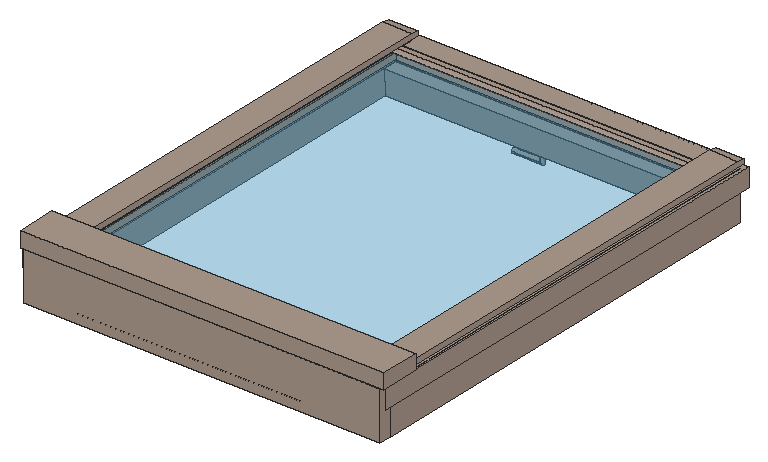
Revit family "GPU_v_1.01", category Окна, Revit 2017
Family settings
  Основа = Крыша
  Всегда вертикально = Нет
  При загрузке вырезать с полостями = Нет
  Общий = Нет
  Точка расчета площади = Нет
Parameters (values of type "Default")
  g-value = "0.66"
  Youtube clip = ""
  Window Opening Angle = if(Open Window, 45.00°, 0.00°)  # 0.00°
  Window Area = 1.11
  Ширина = 940.000 mm
  Weight Net (kg) = ""
  Warranty Years = "5 (10 with BDX)"
  Uniclass 2.0 Description = "Roof Window Units"
  Uniclass 2.0 Code = "PR-59-72"
  Uniclass 1.4 Description = "Rooflights/Roof windows"
  Uniclass 1.4 Code = "JL11"
  URL = "http://file-system.ru/catalog/zdaniya_i_sooruzheniya/eksterer/okna/gpu_velux_premium_poliuretanovoe_panoramnoe_mansardnoe_okno/"
  UNSPC code = 301516
  UNSPC Category = "Roofing accessories"
  ThermalTransmittance - Glazing = "1.1"
  ThermalTransmittance = "1.57"
  Thermal bridge(glazing) = 0.049
  Thermal bridge = "0.09"
  Thermal Transmittance(frame) = 1.3
  Technical description = ""
  Square Reveal Length = 150.000 mm
  Sound Insulation db = 32
  Rough Width = 0.000 mm
  Rough Height = 0.000 mm
  Roof Slope = 45.00°
  Product identifier = ""
  Product group = "GPU 1.01"
  Product family = "Tophung window"
  Product data url = "http://www.velux.co.uk/private/products/velux_roof_windows/top_hung"
  Product certification = ""
  Product SKU = "gpu101"
  Placement Height = 0.000 mm
  Perimeter Window = 4.24
  Perimeter Glazing = 3.49
  Panel Offset = -39.000 mm  # constant formula
  Open Window = no
  Offset from Roof = Placement Height + 169.000 mm  # 169.000 mm
  Name of the object = "New Generation - GPU"
  NBS Reference Description = "Roof Window Units"
  NBS Reference = "59-72"
  Группа модели = "New Generation - GPU"
  Material secondary = Glass 73Q + ISD 0000
  Material main = Wood
  Manufacturer country = "Denmark"
  Manufacturer URL = "www.velux.com"
  Изготовитель = "VELUX A/S"  # constant formula
  Light transmittance = "0.80"
  Installation instructions = "http://www.velux.co.uk/en-GB/Documents/Installation%20instructions%20pdf/Top%20Hung%20452226-0910.pdf"
  IFC Classification = "Window"
  Height = 1180.000 mm
  GlazingAreaFraction = "0.9"
  Function = "Top hung roof window"
  Frame Area = 0.21
  Emergency Exit = no
  Edition number = "1"
  EAN code = ""
  Design country = "Denmark"
  Date of publishing = "6/27/2013"
  Copyright = "VELUX A/S"  # constant formula
  COBIe Type Category = ""
  Код по классификатору = "B3020110"
  Apron Visible [instance] = no
  Angled opening top [instance] = 135.00°
  Angled opening bottom [instance] = 135.00°
  Angle = -(Window Opening Angle)  # 0.00°
  Allowed Roof Slope = "15°-90°"
Reference planes
  plane 1 "Center (Front/Back)": y = 0
  plane 2 "Roof": z = 4000
  plane 3 "Center (Left/Right)": x = 0
  plane 4: x = -490.1
  plane 5: x = 490.1
  plane 6: y = 607.561
  plane 7: y = -607.561
  plane 8: y = 75
  plane 9: y = -75
  plane 10: z = 4419
  plane 11: z = 4250
  plane 12: y = -587.561
  plane 13: y = -559.561
  plane 14: y = 559.561
  plane 15: x = -450
  plane 16: x = 450
  plane 17: z = 4331
  plane 18 "Roof Face": z = 4250
  plane 19: x = 463.5
  plane 20: x = -463.5
  plane 21: y = -557.461
  plane 22: z = 4175
  plane 23: y = 687.561
  plane 24: y = -687.561
  plane 25: x = 508.1
  plane 26: x = -508.1
  plane 27: x = 468.602
  plane 28: x = -468.602
  plane 29: x = -428
  plane 30: x = 428
  plane 31: y = -591.861
  plane 32: y = 599.139
  plane 33: x = 470
  plane 34: x = -470
  plane 35: y = 588.139
  plane 36: x = -442.697
  plane 37: x = 442.697
  plane 38: x = -446.5
  plane 39: x = 446.5
Forms (mm)
  Sweep 1, void
    path origin (0, 0, 4000) x (1, 0, 0) y (0, 1, 0)
      loop
        line (442.697, 0) -> (-442.697, 0)
    profile origin (0, 0, 4000) x (0, -1, 0) y (0, 0, 1)
      loop
        line (559.561, 250) -> (-559.561, 250) -> (-559.561, 100) -> (-659.561, 0) -> (659.561, 0) -> (559.561, 100) -> (559.561, 250)
  Sweep 2, solid, material "Wood" <- "Material main"
    path origin (232.881, -1270, 4419) x (0, -1, 0) y (1, 0, 0)
      loop
        line (-712.539, -722.981) -> (-1858.139, -722.981)
    profile origin (-490.1, 15.339, 4419) x (-1, 0, 0) y (0, 0, 1)
      loop
        line (-20.1, -215.9) -> (-20.1, -88.7) -> (-62.1, -88.7) -> (-62.096, -177.7) -> (-56.388, -215.9) -> (-20.1, -215.9)
  Sweep 3, solid, material "Wood" <- "Material main"
    path origin (232.881, -1270, 4419) x (0, -1, 0) y (1, 0, 0)
      loop
        line (-686.789, -722.981) -> (-1877.561, -722.981)
    profile origin (-490.1, 12.175, 4419) x (-1, 0, 0) y (0, 0, 1)
      loop
        line (-12.998, -138.3) -> (-11.998, -138.3) -> (-11.998, -87.65) -> (-38.148, -87.65) -> (-38.148, -78.15) -> (-39.148, -78.15) -> (-39.148, -88.65) -> (-12.998, -88.65) -> (-12.998, -138.3)
  Sweep 4, solid, material "Wood" <- "Material main"
    path origin (232.881, -1270, 4419) x (0, -1, 0) y (1, 0, 0)
      loop
        line (-1858.139, 257.219) -> (-712.539, 257.219)
    profile origin (490.1, 15.339, 4419) x (1, 0, 0) y (0, 0, 1)
      loop
        line (-20.1, -215.9) -> (-20.1, -88.7) -> (-62.1, -88.7) -> (-62.096, -177.7) -> (-56.388, -215.9) -> (-20.1, -215.9)
  Sweep 5, solid, material "Wood" <- "Material main"
    path origin (232.881, -1270, 4419) x (0, -1, 0) y (1, 0, 0)
      loop
        line (-662.439, -701.483) -> (-662.439, 235.721)
    profile origin (0, -607.561, 4419) x (0, 1, 0) y (0, 0, 1)
      loop
        line (31.3, -88.1) -> (15.7, -88.1) -> (15.7, -215.9) -> (56, -215.9) -> (56, -141.8) -> (39.4, -141.8) -> (39.4, -109.299) -> (31.3, -106.9) -> (31.3, -88.1)
  Sweep 6, solid, material "Wood" <- "Material main"
    path origin (232.881, -1270, 4419) x (0, -1, 0) y (1, 0, 0)
      loop
        line (-1877.561, 202.721) -> (-1877.561, -660.881)
    profile origin (3.801, 607.561, 4419) x (0, -1, 0) y (0, 0, 1)
      loop
        line (19.423, -215.9) -> (56, -215.9) -> (56, -160) -> (43.673, -160) -> (32.044, -116.6) -> (19.423, -114.078) -> (19.423, -215.9)
  Sweep 7, solid, material "Polyurethane color NCS 0500-N"
    path origin (232.881, -1270, 4419) x (0, -1, 0) y (1, 0, 0)
      loop
        line (-662.439, -679.381) -> (-662.439, 213.619)
    profile origin (0, -607.561, 4419) x (0, 1, 0) y (0, 0, 1)
      loop
        line (31.3, -68.816) -> (31.3, -105.016) -> (39.4, -108.113) -> (39.4, -141.8) -> (80.4, -141.8) -> (80.4, -79.8) -> (70.4, -79.8) -> (70.4, -61.1) -> (39.556, -61.1) -> (31.3, -68.816)
  Sweep 8, solid, material "Wood" <- "Material main"
    path origin (232.881, -1270, 4419) x (0, -1, 0) y (1, 0, 0)
      loop
        line (-662.439, 245.221) -> (-662.439, -710.983)
    profile origin (0, -607.561, 4419) x (0, -1, 0) y (0, 0, 1)
      loop
        line (-120.7, -87.95) -> (-15.7, -87.95) -> (-15.7, -47.9) -> (-120.7, -47.9) -> (-120.7, -87.95)
  Sweep 9, solid, material "Wood" <- "Material main"
    path origin (232.881, -1270, 4419) x (0, -1, 0) y (1, 0, 0)
      loop
        line (-1877.561, 257.219) -> (-686.789, 257.219)
    profile origin (490.1, 12.175, 4419) x (1, 0, 0) y (0, 0, 1)
      loop
        line (-11.998, -138.3) -> (-11.998, -87.65) -> (-38.148, -87.65) -> (-38.148, -78.15) -> (-39.148, -78.15) -> (-39.148, -88.65) -> (-12.998, -88.65) -> (-12.998, -138.3) -> (-11.998, -138.3)
  Extrusion 10, solid, material "Wood" <- "Material main", visible <- "Apron Visible"
    sketch origin (232.881, -1380, 4250) x (0, -1, 0) y (1, 0, 0)
      loop
        line (-2168.139, 237.119) -> (-2168.139, -702.881) -> (-1968.139, -702.881) -> (-1968.139, 237.119) -> (-2168.139, 237.119)
    from 0 to 5
Cuts and joins
  joined: Sweep 2, Sweep 4, Sweep 5, Sweep 6
Lines and regions (mm)
  reference lines
    curve 1: line (0, 559.561, 4100) -> (0, -559.561, 4100)
    curve 2: line (0, 559.561, 4100) -> (0, 969.973, 3689.589)
    curve 3: line (0, -559.561, 4100) -> (0, -998.257, 3661.304)
    curve 8: line (-490.1, 0, 4419) -> (490.1, 0, 4419)
    curve 9: line (0, -522.489, 4379.9) -> (0, -512.873, 4379.9)
    curve 10: line (0, -522.489, 4379.9) -> (0, -234.928, 4379.9)
    curve 11: line (0, -522.489, 4554.9) -> (0, -522.489, 4064.9)
    curve 12: line (0, -522.489, 4379.9) -> (0, -227.489, 4379.9)
    curve 13: line (0, -522.489, 4379.9) -> (0, -522.489, 4311.857)
  symbolic lines
    curve 4: line (-490.1, 607.561, 4000) -> (0, -75, 4000)
    curve 5: line (0, -75, 4000) -> (490.1, 607.561, 4000)
    curve 6: line (-490.1, -607.561, 4000) -> (0, 75, 4000)
    curve 7: line (0, 75, 4000) -> (490.1, -607.561, 4000)
Dimensions and locks
  equal spacing: host sketch curve, plane 3 "Center (Left/Right)", host sketch curve
  equal spacing: host sketch curve, plane 1 "Center (Front/Back)", host sketch curve
  equal spacing: plane 4, plane 3 "Center (Left/Right)", plane 5
  "Ширина": plane 34 to plane 33
  equal spacing: plane 6, plane 1 "Center (Front/Back)", plane 7
  "Height": plane 35 to plane 31
  "Square Reveal Length": plane 18 "Roof Face" to curve 1
  plane 8 to plane 1 "Center (Front/Back)" to plane 9 = 75.000 mm locked, 75.000 mm locked
  locked: plane 7 to plane 12 at 20
  locked: plane 16 to plane 19 at 13.5
  locked: plane 20 to plane 15 at 13.5
  locked: plane 21 to plane 13 at 2.1
  locked: plane 27 to plane 5 at 21.498
  locked: plane 4 to plane 28 at 21.498
  locked: plane 13 to plane 24 at 128
  locked: plane 23 to plane 14 at 128
  locked: plane 7 to plane 13 at 48
  locked: plane 26 to plane 4 at 18
  locked: plane 5 to plane 25 at 18
  locked: plane 23 to plane 6 at 80
  locked: plane 10 to plane 11 at 169
  "Offset from Roof": plane 10 to host roof
  locked: plane 4 to plane 29 at 62.1
  locked: plane 30 to plane 5 at 62.1
  plane 13 to cut or joined group of Sweep 2, Sweep 4, Sweep 5, Sweep 6 = 8.000 mm
  locked: plane 6 to plane 32 at 8.423
  locked: plane 31 to plane 12 at 4.3
  locked: plane 4 to plane 34 at 20.1
  locked: plane 33 to plane 5 at 20.1
  locked: plane 35 to Extrusion 10 sketch curve at 200
  locked: plane 32 to plane 35 at 11
  locked: plane 29 to plane 36 at 14.697
  locked: plane 30 to plane 37 at 14.697
  locked: plane 34 to plane 38 at 23.5
  locked: plane 39 to plane 33 at 23.5
  angle curve 11 to curve 10 = 90.00°
  "Window Opening Angle": angle curve 10 to curve 12
  locked: curve 13 to curve 12 (angle 90.00°)
  "Angled opening top": angle curve 3 to curve 1
  "Angled opening bottom": angle curve 1 to curve 2
  aligned and locked: level to plane 2 "Roof"
  aligned and locked: Sweep 1 sketch curve to plane 1 "Center (Front/Back)"
  aligned and locked: host roof to Sweep 1 sketch curve  (x2)
  aligned and locked: Sweep 1 sketch curve to curve 2
  aligned and locked: Sweep 1 sketch curve to curve 3
  aligned and locked: Sweep 2 sketch curve to plane 4
  aligned and locked: Sweep 3 sketch curve to plane 4
  aligned and locked: plane 6 to Sweep 3 sketch curve
  aligned and locked: Sweep 4 sketch curve to plane 5
  aligned and locked: plane 6 to Sweep 6 sketch curve
  aligned and locked: plane 7 to Sweep 7 sketch curve
  aligned and locked: Sweep 8 sketch curve to plane 7
  aligned and locked: Sweep 9 sketch curve to plane 5
  aligned and locked: plane 6 to Sweep 9 sketch curve
  aligned and locked: Sweep 8 sketch curve to Sweep 9
  aligned and locked: Sweep 3 to Sweep 8 sketch curve
  aligned and locked: plane 13 to curve 1
  aligned and locked: Sweep 1 sketch curve to plane 13
  aligned and locked: plane 14 to Sweep 1 sketch curve
  aligned and locked: plane 14 to curve 1
  aligned and locked: plane 14 to curve 2
  aligned and locked: plane 21 to Sweep 4 sketch curve
  aligned and locked: plane 21 to Sweep 2 sketch curve
  aligned and locked: plane 27 to Sweep 5 sketch curve
  aligned and locked: plane 28 to Sweep 5 sketch curve
  aligned and locked: host roof to plane 18 "Roof Face"
  aligned and locked: curve 11 to curve 10
  aligned: curve 12 to nested 1
  aligned: nested 1 to curve 13
  aligned and locked: curve 11 to nested 1
  aligned and locked: Extrusion 10 sketch curve to plane 34
  aligned and locked: Extrusion 10 sketch curve to plane 33
  aligned and locked: plane 35 to Sweep 6 sketch curve
  aligned and locked: Extrusion 10 sketch curve to plane 35
  aligned and locked: plane 35 to Sweep 4 sketch curve
  aligned and locked: plane 35 to Sweep 2 sketch curve
  aligned and locked: plane 36 to Sweep 1 sketch curve
  aligned and locked: plane 37 to Sweep 1 sketch curve
  aligned and locked: plane 38 to Sweep 7 sketch curve
  aligned and locked: plane 39 to Sweep 7 sketch curve
Automatic sketch dimensions
  plane 1 "Center (Front/Back)" to curve 8 = 0.000 mm
  curve 8 to plane 5 = 0.000 mm
  plane 4 to curve 8 = 0.000 mm
  profile plane to Sweep 3 sketch curve = 39.148 mm
  Sweep 3 sketch curve to Sweep 3 sketch curve = 1.000 mm  (x3)
  profile plane to Sweep 3 sketch curve = 12.998 mm
  Sweep 3 sketch curve to profile plane = 138.300 mm
  Sweep 3 sketch curve to Sweep 3 sketch curve = 49.650 mm
  Sweep 3 sketch curve to Sweep 3 sketch curve = 9.500 mm
  plane 7 to Sweep 5 sketch curve = 0.000 mm
  profile plane to Sweep 9 sketch curve = 39.148 mm
  Sweep 9 sketch curve to Sweep 9 sketch curve = 1.000 mm  (x3)
  profile plane to Sweep 9 sketch curve = 12.998 mm
  Sweep 9 sketch curve to profile plane = 138.300 mm
  Sweep 9 sketch curve to profile plane = 88.650 mm
  Sweep 9 sketch curve to Sweep 9 sketch curve = 9.500 mm
  curve 6 to plane 7 = 0.000 mm
  curve 4 to plane 6 = 0.000 mm
  curve 7 to plane 8 = 0.000 mm
  curve 5 to plane 3 "Center (Left/Right)" = 0.000 mm
  curve 7 to plane 5 = 0.000 mm
  curve 5 to plane 5 = 0.000 mm
  plane 7 to curve 7 = 0.000 mm
  plane 9 to curve 5 = 0.000 mm
  plane 6 to curve 5 = 0.000 mm
  curve 6 to plane 3 "Center (Left/Right)" = 0.000 mm
  plane 4 to curve 4 = 0.000 mm
  plane 4 to curve 6 = 0.000 mm
  Sweep 2 sketch curve to profile plane = 215.900 mm
  profile plane to Sweep 8 sketch curve = 120.700 mm
  Sweep 9 sketch curve to plane 7 = 24.350 mm
  Sweep 3 sketch curve to plane 7 = 24.350 mm
  profile plane to Sweep 4 sketch curve = 20.100 mm
  Sweep 2 sketch curve to profile plane = 88.700 mm
  Sweep 7 sketch curve to profile plane = 31.300 mm
  Sweep 7 sketch curve to Sweep 7 sketch curve = 8.100 mm
  Sweep 7 sketch curve to Sweep 7 sketch curve = 8.256 mm
  Sweep 7 sketch curve to Sweep 7 sketch curve = 30.844 mm
  Sweep 7 sketch curve to Sweep 7 sketch curve = 10.000 mm
  Sweep 7 sketch curve to profile plane = 141.800 mm
  Sweep 7 sketch curve to Sweep 7 sketch curve = 33.687 mm
  Sweep 7 sketch curve to Sweep 7 sketch curve = 3.097 mm
  Sweep 7 sketch curve to Sweep 7 sketch curve = 36.200 mm
  Sweep 7 sketch curve to Sweep 7 sketch curve = 7.716 mm
  Sweep 7 sketch curve to Sweep 7 sketch curve = 18.700 mm
  Sweep 8 sketch curve to profile plane = 47.900 mm
  Sweep 8 sketch curve to Sweep 8 sketch curve = 40.050 mm
  profile plane to Sweep 8 sketch curve = 15.700 mm
  profile plane to Sweep 2 sketch curve = 20.100 mm
  Sweep 2 sketch curve to Sweep 2 sketch curve = 36.288 mm
  Sweep 2 sketch curve to Sweep 2 sketch curve = 0.000 mm
  Sweep 2 sketch curve to Sweep 2 sketch curve = 5.708 mm
  Sweep 2 sketch curve to Sweep 2 sketch curve = 38.200 mm
  Sweep 2 sketch curve to Sweep 2 sketch curve = 42.000 mm
  Sweep 4 sketch curve to profile plane = 88.700 mm
  Sweep 4 sketch curve to Sweep 4 sketch curve = 127.200 mm
  Sweep 4 sketch curve to Sweep 4 sketch curve = 36.288 mm
  Sweep 4 sketch curve to Sweep 4 sketch curve = 0.000 mm
  Sweep 4 sketch curve to Sweep 4 sketch curve = 5.708 mm
  Sweep 4 sketch curve to Sweep 4 sketch curve = 38.200 mm
  Sweep 4 sketch curve to Sweep 4 sketch curve = 42.000 mm
  Sweep 5 sketch curve to profile plane = 15.700 mm
  Sweep 5 sketch curve to Sweep 5 sketch curve = 15.600 mm
  Sweep 5 sketch curve to Sweep 5 sketch curve = 8.100 mm
  Sweep 5 sketch curve to Sweep 5 sketch curve = 16.600 mm
  Sweep 5 sketch curve to profile plane = 215.900 mm
  Sweep 5 sketch curve to Sweep 5 sketch curve = 74.100 mm
  Sweep 5 sketch curve to Sweep 5 sketch curve = 32.501 mm
  Sweep 5 sketch curve to Sweep 5 sketch curve = 2.399 mm
  Sweep 5 sketch curve to Sweep 5 sketch curve = 18.800 mm
  Sweep 6 sketch curve to Sweep 6 sketch curve = 12.621 mm
  Sweep 6 sketch curve to profile plane = 43.673 mm
  Sweep 6 sketch curve to Sweep 6 sketch curve = 12.327 mm
  Sweep 6 sketch curve to profile plane = 215.900 mm
  Sweep 6 sketch curve to Sweep 6 sketch curve = 55.900 mm
  Sweep 6 sketch curve to Sweep 6 sketch curve = 43.400 mm
  Sweep 6 sketch curve to Sweep 6 sketch curve = 2.522 mm
  Sweep 6 sketch curve to plane 29 = 0.000 mm
  plane 37 to Sweep 6 sketch curve = 7.095 mm
  plane 21 to curve 9 = 34.972 mm
  curve 10 to plane 10 = 39.100 mm
  curve 9 to curve 9 = 9.616 mm
  plane 9 to curve 10 = 159.928 mm
  plane 2 "Roof" to curve 11 = 64.900 mm
  curve 13 to curve 11 = 121.522 mm
  curve 12 to curve 13 = 0.000 mm
Nested families
  nested 1: "GPL v.22_Openable" at (0, -522.489, 4211) x (-1, 0, 0) z (0, 0, 1), built-in parameter 1001364 <- "Panel Offset", type "GPL v.22_Openable"
Definition of nested family "GPL v.22_Openable"
  Parameters
    Window Opening Angle = 0.00°
    Width = 940.000 mm
    Material Internal = none
    Material External = none
    Height = 1180.000 mm
    Glazing = none
    Default Elevation = 1219.200 mm
    Assembly Code = ""
  Reference planes
    plane 1 "Center (Front/Back)": y = 0
    plane 2: z = 0
    plane 3 "Center (Left/Right)": x = 0
    plane 4: z = 119
  Forms (mm)
    Sweep 1, solid, material <- "Material Internal"
      path origin (0, 0, 119) x (0, -1, 0) y (1, 0, 0)
        loop
          line (-85.07, 393.9) -> (-85.07, -393.9)
      profile origin (0, 85.07, 119) x (0, -1, 0) y (0, 0, 1)
        loop
          line (85.072, -68.043) -> (60.5, -72.155) -> (60.5, -98.605) -> (115.096, -98.605) -> (122.727, -26) -> (103.6, -26) -> (103.6, 0) -> (85.072, 0) -> (85.072, -68.043)
        loop
          circle (94.835, -144.776) r 11.99
    Sweep 2, solid, material <- "Material Internal"
      path origin (0, 0, 119) x (0, -1, 0) y (1, 0, 0)
        loop
          line (1130.053, -393.9) -> (1130.053, 393.9)
      profile origin (0, -1130.053, 119) x (0, 1, 0) y (0, 0, 1)
        loop
          line (41.589, -92.7) -> (103.517, -92.7) -> (110.526, -26.008) -> (69.398, -26.008) -> (69.398, 3.4) -> (54.407, 3.4) -> (53.746, -0.344) -> (-4.292, -0.344) -> (-3.889, -15.711) -> (41.589, -24.798) -> (41.589, -92.7)
    Sweep 3, solid, material <- "Material Internal"
      path origin (0, -24.93, 119) x (-1, 0, 0) y (0, -1, 0)
        loop
          line (-490.1, 1085.123) -> (-490.1, -25)
      profile origin (490.1, -554.991, 119) x (-1, 0, 0) y (0, 0, 1)
        loop
          line (65.2, -92.7) -> (96.2, -92.7) -> (96.2, 0) -> (65.2, 0) -> (65.2, -92.7)
    Sweep 4, solid, material <- "Material Internal"
      path origin (-490.1, 600, 119) x (0, -1, 0) y (1, 0, 0)
        loop
          line (599.93, 0) -> (1710.053, 0)
      profile origin (-490.1, -554.992, 119) x (1, 0, 0) y (0, 0, 1)
        loop
          line (96.2, -92.7) -> (96.2, 0) -> (65.2, 0) -> (65.2, -92.7) -> (96.2, -92.7)
    Extrusion 5, solid, material <- "Glazing"
      sketch origin (0, 0, 119) x (0, -1, 0) y (1, 0, 0)
        loop
          line (1058.053, 393.1) -> (24.93, 393.1) -> (24.93, -393.1) -> (1058.053, -393.1) -> (1058.053, 393.1)
      from -26 to -22
    Extrusion 6, solid, material <- "Glazing"
      sketch origin (0, 0, 119) x (0, -1, 0) y (1, 0, 0)
        loop
          line (1058.053, 393.1) -> (24.93, 393.1) -> (24.93, -393.1) -> (1058.053, -393.1) -> (1058.053, 393.1)
      from -4.5 to -0.5
    Sweep 7, solid, material <- "Material External"
      path origin (0, 0, 119) x (0, -1, 0) y (1, 0, 0)
        loop
          line (1130.053, -450.5) -> (1130.053, 450.5)
      profile origin (0, -1130.053, 119) x (0, 1, 0) y (0, 0, 1)
        loop
          arc (83.524, 1.197) -> (76.247, 3.516) -> (68.65, 4.3) r 37.2
          line (68.65, 4.3) -> (51.813, 4.3) -> (51.171, 0.656) -> (-6.8, 0.656) -> (-6.8, -49.6) -> (-5.8, -49.6) -> (-5.8, -0.344) -> (52.01, -0.344) -> (52.652, 3.3) -> (68.65, 3.3)
          arc (68.65, 3.3) -> (76.194, 2.505) -> (83.406, 0.156) r 36.2
          line (83.406, 0.156) -> (83.524, 1.197)
    Sweep 8, solid, material <- "Material External"
      path origin (0, 0, 119) x (0, -1, 0) y (1, 0, 0)
        loop
          line (1130.053, 490.1) -> (-0.07, 490.1)
      profile origin (490.1, -564.991, 119) x (-1, 0, 0) y (0, 0, 1)
        loop
          line (98.287, 4.136) -> (98.287, 18.1) -> (22.917, 18.1) -> (22.917, 4.136) -> (98.287, 4.136)
    Sweep 9, solid, material <- "Material External"
      path origin (0, 0, 119) x (0, -1, 0) y (1, 0, 0)
        loop
          line (-0.07, -490.1) -> (1130.053, -490.1)
      profile origin (-490.1, -564.991, 119) x (1, 0, 0) y (0, 0, 1)
        loop
          line (22.917, 4.136) -> (98.287, 4.136) -> (98.287, 18.1) -> (22.917, 18.1) -> (22.917, 4.136)
    Sweep 10, void
      path origin (467.183, -1130.053, 137.1) x (0, 1, 0) y (-1, 0, 0)
        loop
          line (0, 0) -> (0, 75.37)
      profile origin (429.498, -1130.053, 137.1) x (0, -1, 0) y (0, 0, 1)
        loop
          line (0, 0) -> (-20, 0) -> (0, -3.5) -> (0, 0)
    Sweep 11, void
      path origin (-467.183, 0.07, 137.1) x (0, -1, 0) y (1, 0, 0)
        loop
          line (1130.123, 0) -> (1130.123, 75.37)
      profile origin (-429.498, -1130.053, 137.1) x (0, 1, 0) y (0, 0, 1)
        loop
          line (0, 0) -> (0, -3.5) -> (20, 0) -> (0, 0)
    Extrusion 12, solid, material <- "Material Internal"
      sketch origin (0, 0, 119) x (0, -1, 0) y (1, 0, 0)
        loop
          line (1040.151, -30) -> (1060.151, -30) -> (1060.151, 30) -> (1040.151, 30) -> (1040.151, -30)
      from -97.7 to -92.7
    Sweep 13, solid, material <- "Material Internal"
      path origin (-1645, -1058.053, 119) x (1, 0, 0) y (0, 0, 1)
        loop
          line (1645, -97.7) -> (1645, -119.9) -> (1720, -119.9)
      profile origin (0, -1058.053, 10.2) x (0, -1, 0) y (1, 0, 0)
        loop
          circle (-7.95, 0) r 6
    Sweep 14, solid, material <- "Material Internal"
      path origin (0, 0, 119) x (0, -1, 0) y (1, 0, 0)
        loop
          line (-24.57, -378.9) -> (-24.57, -393.9)
      profile origin (-386.4, 24.57, 119) x (0, -1, 0) y (0, 0, 1)
        loop
          arc (45.33, -139.994) -> (38.204, -119.382) -> (44.831, -98.605) r 34.582
          line (44.831, -98.605) -> (0, -98.605)
          arc (0, -98.605) -> (8.284, -128.121) -> (25.85, -153.247) r 91.534
          arc (25.85, -153.247) -> (41.079, -154.689) -> (45.33, -139.994) r 11.99
    Sweep 15, solid, material <- "Material Internal"
      path origin (0, 0, 119) x (0, -1, 0) y (1, 0, 0)
        loop
          line (-24.57, 393.9) -> (-24.57, 378.9)
      profile origin (386.4, 24.57, 119) x (0, -1, 0) y (0, 0, 1)
        loop
          arc (45.33, -139.994) -> (38.204, -119.382) -> (44.831, -98.605) r 34.582
          line (44.831, -98.605) -> (0, -98.605)
          arc (0, -98.605) -> (8.284, -128.121) -> (25.85, -153.247) r 91.534
          arc (25.85, -153.247) -> (41.079, -154.689) -> (45.33, -139.994) r 11.99
    Sweep 16, solid, material <- "Material Internal"
      path origin (0, 0, 119) x (0, -1, 0) y (1, 0, 0)
        loop
          line (-24.57, 7.5) -> (-24.57, -7.5)
      profile origin (0, 24.57, 119) x (0, -1, 0) y (0, 0, 1)
        loop
          arc (45.33, -139.994) -> (38.204, -119.382) -> (44.831, -98.605) r 34.582
          line (44.831, -98.605) -> (0, -98.605)
          arc (0, -98.605) -> (8.284, -128.121) -> (25.85, -153.247) r 91.534
          arc (25.85, -153.247) -> (41.079, -154.689) -> (45.33, -139.994) r 11.99
  Cuts and joins
    Sweep 10, Sweep 11 cuts Sweep 2
    Sweep 10, Sweep 11 cuts Sweep 7
    Sweep 10 cuts Sweep 8
    Sweep 11 cuts Sweep 9
  Lines and regions (mm)
    reference lines
      curve 1: line (0, 0, 119) -> (0, -1965.03, 119)
      curve 2: line (490.1, -600, 119) -> (490.1, 600, 119)
      curve 3: line (-490.1, 600, 119) -> (-490.1, -600, 119)
      curve 4: line (0, 0, 119) -> (-1065, 0, 119)
      curve 5: line (393.1, -600, 119) -> (393.1, 490, 119)
      curve 6: line (-393.1, 490, 119) -> (-393.1, -600, 119)
      curve 7: line (0, -1130.053, 119) -> (-1585, -1130.053, 119)
      curve 8: line (-1645, -1058.053, 119) -> (0, -1058.053, 119)
      curve 9: line (0, -24.93, 119) -> (-1705, -24.93, 119)
      curve 10: line (0, 0.07, 119) -> (-1705, 0.07, 119)
      curve 11: line (0, 0, 119) -> (0, 0, 1090.696)
      curve 12: line (0, -277.823, -470.753) -> (0, -277.823, 131.162)
      curve 13: line (0, -1428, 119) -> (0, -1428, 79)
      curve 14: line (0, 85.07, 119) -> (-1065, 85.07, 119)
      curve 15: line (0, 85.07, 119) -> (0, 85.07, 1090.696)
      curve 16: line (0, 85.07, 119) -> (0, 20.07, 119)
      curve 17: line (0, 69.37, 119) -> (-1065, 69.37, 119)
      curve 18: line (0, -1121.63, 119) -> (-1585, -1121.63, 119)
      curve 19: line (470, -600, 119) -> (470, 600, 119)
      curve 20: line (-470, 600, 119) -> (-470, -600, 119)
      curve 21: line (0, -1110.63, 119) -> (-1585, -1110.63, 119)
  Dimensions and locks
    locked: plane 4 to level at 119
    equal spacing: curve 3, curve 1, curve 2
    "Width": curve 20 to curve 19
    locked: curve 5 to curve 2 at 97
    locked: curve 3 to curve 6 at 97
    "Height": curve 17 to curve 21
    curve 11 to curve 12 = 277.823 mm
    equal spacing: curve 3, curve 11, curve 2
    Extrusion 12 sketch curve to curve 8 to Extrusion 12 sketch curve = 17.902 mm locked, 2.098 mm locked
    Extrusion 12 sketch curve to curve 1 to Extrusion 12 sketch curve = 30.000 mm locked, 30.000 mm locked
    locked: curve 8 to curve 7 at 72
    locked: curve 14 to curve 4 at 85.07
    curve 14 to curve 10 to curve 9 = 85.000 mm locked, 25.000 mm locked
    locked: Sweep 14 sketch curve to Sweep 14 sketch curve at 15
    locked: Sweep 15 sketch curve to Sweep 15 sketch curve at 15
    Sweep 16 sketch curve to curve 1 to Sweep 16 sketch curve = 7.500 mm locked, 7.500 mm locked
    locked: curve 14 to curve 17 at 15.7
    locked: curve 18 to curve 7 at 8.423
    locked: curve 19 to curve 2 at 20.1
    locked: curve 3 to curve 20 at 20.1
    locked: curve 21 to curve 18 at 11
    locked: Sweep 7 sketch curve to Sweep 4 at 56.6
    locked: Sweep 3 to Sweep 7 sketch curve at 56.6
    "Window Opening Angle": angle plane 4 to curve 1
    locked: curve 11 to curve 1 (angle 90.00°)
    locked: curve 1 to curve 12 (angle 90.00°)
    locked: curve 15 to curve 16 (angle 90.00°)
    locked: curve 14 to curve 16 (angle 90.00°)
    aligned and locked: level to plane 2
    aligned and locked: Sweep 3 sketch curve to curve 2
    aligned and locked: curve 3 to Sweep 4 sketch curve
    aligned and locked: Extrusion 5 sketch curve to curve 5
    aligned and locked: curve 6 to Extrusion 5 sketch curve
    aligned and locked: Extrusion 6 sketch curve to curve 5
    aligned and locked: curve 6 to Extrusion 6 sketch curve
    aligned and locked: Sweep 8 sketch curve to curve 2
    aligned and locked: curve 3 to Sweep 9 sketch curve
    aligned and locked: Sweep 10 sketch curve to Sweep 8  (x3)
    aligned and locked: Sweep 8 to Sweep 10 sketch curve
    aligned and locked: profile plane to Sweep 10 sketch curve
    aligned and locked: Sweep 11 sketch curve to Sweep 9  (x3)
    aligned and locked: Sweep 9 to Sweep 11 sketch curve
    aligned and locked: profile plane to Sweep 11 sketch curve
    aligned and locked: Sweep 7 sketch curve to curve 7
    aligned and locked: Sweep 2 sketch curve to curve 7
    aligned and locked: curve 8 to Extrusion 6 sketch curve
    aligned and locked: Extrusion 6 sketch curve to curve 9
    aligned and locked: curve 8 to Extrusion 5 sketch curve
    aligned and locked: Extrusion 5 sketch curve to curve 9
    aligned and locked: curve 7 to Sweep 9 sketch curve
    aligned and locked: curve 10 to Sweep 4 sketch curve
    aligned and locked: Sweep 3 sketch curve to curve 10
    aligned and locked: Sweep 8 sketch curve to curve 7
    aligned and locked: Sweep 4 sketch curve to cut or joined group of Sweep 9, Sweep 11
    aligned and locked: cut or joined group of Sweep 8, Sweep 10 to Sweep 3 sketch curve
    aligned and locked: cut or joined group of Sweep 2, Sweep 10, Sweep 11 to Extrusion 12
    aligned and locked: curve 13 to Sweep 13 sketch curve
    aligned and locked: Extrusion 12 to Sweep 13 sketch curve
    aligned and locked: Sweep 1 sketch curve to curve 14
    aligned and locked: curve 10 to Sweep 9 sketch curve
    aligned and locked: Sweep 8 sketch curve to curve 10
    aligned and locked: Sweep 14 sketch curve to Sweep 1
    aligned and locked: Sweep 1 to Sweep 15 sketch curve
    aligned and locked: Sweep 15 sketch curve to Sweep 1
    aligned and locked: Sweep 2 sketch curve to Sweep 4
    aligned and locked: Sweep 3 to Sweep 2 sketch curve
    aligned and locked: Sweep 4 to Sweep 1 sketch curve
    aligned and locked: Sweep 1 sketch curve to Sweep 3
  Automatic sketch dimensions
    curve 11 to plane 1 "Center (Front/Back)" = 0.000 mm
    curve 11 to plane 4 = 0.000 mm
    curve 1 to curve 12 = 12.162 mm
    curve 13 to curve 1 = 0.000 mm
    curve 13 to curve 1 = 40.000 mm
    curve 13 to curve 1 = 537.030 mm
    curve 11 to curve 15 = 0.000 mm
    curve 16 to curve 11 = 20.070 mm
    Sweep 16 sketch curve to curve 1 = 24.570 mm
    Sweep 16 sketch curve to profile plane = 0.000 mm
    Sweep 16 sketch curve to Sweep 16 sketch curve = 25.850 mm
    Sweep 16 sketch curve to Sweep 16 sketch curve = 8.485 mm
    Sweep 16 sketch curve to Sweep 16 sketch curve = 44.831 mm
    Sweep 16 sketch curve to Sweep 16 sketch curve = 10.995 mm
    Sweep 16 sketch curve to Sweep 16 sketch curve = 27.454 mm
    Sweep 16 sketch curve to Sweep 16 sketch curve = 18.243 mm
    Sweep 16 sketch curve to profile plane = 153.247 mm
    Sweep 16 sketch curve to Sweep 16 sketch curve = 8.471 mm
    Sweep 16 sketch curve to Sweep 16 sketch curve = 21.029 mm
    curve 4 to curve 1 = 0.000 mm  (x2)
    curve 4 to curve 1 = 1065.000 mm
    curve 5 to curve 1 = 490.000 mm
    curve 6 to curve 1 = 490.000 mm
    curve 20 to curve 6 = 110.000 mm
    curve 19 to curve 5 = 110.000 mm
    curve 3 to curve 20 = 0.000 mm  (x2)
    curve 19 to curve 2 = 0.000 mm  (x2)
    curve 1 to curve 6 = 600.000 mm
    curve 1 to curve 19 = 600.000 mm
    curve 3 to curve 6 = 0.000 mm
    curve 5 to curve 19 = 0.000 mm
    Sweep 1 sketch curve to profile plane = 0.000 mm
    Sweep 1 sketch curve to profile plane = 60.500 mm
    Sweep 1 sketch curve to Sweep 1 sketch curve = 24.572 mm
    Sweep 1 sketch curve to Sweep 1 sketch curve = 34.335 mm
    Sweep 1 sketch curve to Sweep 1 sketch curve = 18.528 mm
    Sweep 1 sketch curve to Sweep 1 sketch curve = 30.024 mm
    Sweep 1 sketch curve to profile plane = 26.000 mm
    Sweep 1 sketch curve to Sweep 1 sketch curve = 19.127 mm
    Sweep 1 sketch curve to Sweep 1 sketch curve = 42.043 mm
    Sweep 1 sketch curve to Sweep 1 sketch curve = 4.112 mm
    Sweep 1 sketch curve to Sweep 1 sketch curve = 26.450 mm
    Sweep 1 sketch curve to Sweep 1 sketch curve = 46.170 mm
    Sweep 2 sketch curve to profile plane = 0.344 mm
    profile plane to Sweep 2 sketch curve = 4.292 mm
    profile plane to Sweep 2 sketch curve = 3.889 mm
    Sweep 2 sketch curve to profile plane = 41.589 mm
    Sweep 2 sketch curve to Sweep 2 sketch curve = 12.158 mm
    Sweep 2 sketch curve to Sweep 2 sketch curve = 0.660 mm
    Sweep 2 sketch curve to Sweep 2 sketch curve = 27.809 mm
    Sweep 2 sketch curve to Sweep 2 sketch curve = 61.928 mm
    Sweep 2 sketch curve to profile plane = 26.008 mm
    Sweep 2 sketch curve to Sweep 2 sketch curve = 41.128 mm
    Sweep 2 sketch curve to Sweep 2 sketch curve = 66.692 mm
    Sweep 2 sketch curve to profile plane = 24.798 mm
    Sweep 2 sketch curve to Sweep 2 sketch curve = 15.367 mm
    profile plane to Sweep 2 sketch curve = 3.400 mm
    Sweep 7 sketch curve to Sweep 7 sketch curve = 0.000 mm  (x2)
    profile plane to Sweep 7 sketch curve = 0.656 mm
    profile plane to Sweep 7 sketch curve = 6.800 mm
    Sweep 7 sketch curve to Sweep 7 sketch curve = 1.000 mm
    Sweep 7 sketch curve to profile plane = 51.171 mm
    Sweep 7 sketch curve to Sweep 7 sketch curve = 0.643 mm
    Sweep 7 sketch curve to profile plane = 0.344 mm
    Sweep 7 sketch curve to Sweep 7 sketch curve = 0.839 mm  (x2)
    profile plane to Sweep 7 sketch curve = 3.300 mm
    Sweep 7 sketch curve to Sweep 7 sketch curve = 15.998 mm
    profile plane to Sweep 7 sketch curve = 0.156 mm
    Sweep 7 sketch curve to Sweep 7 sketch curve = 14.756 mm
    Sweep 7 sketch curve to Sweep 7 sketch curve = 0.118 mm
    Sweep 7 sketch curve to Sweep 7 sketch curve = 49.256 mm
    Sweep 7 sketch curve to Sweep 7 sketch curve = 1.041 mm
    Sweep 8 sketch curve to profile plane = 22.917 mm
    profile plane to Sweep 8 sketch curve = 18.100 mm
    Sweep 8 sketch curve to Sweep 8 sketch curve = 75.370 mm
    profile plane to Sweep 8 sketch curve = 4.136 mm
    Sweep 9 sketch curve to profile plane = 22.917 mm
    profile plane to Sweep 9 sketch curve = 18.100 mm
    Sweep 9 sketch curve to Sweep 9 sketch curve = 75.370 mm
    profile plane to Sweep 9 sketch curve = 4.136 mm
    profile plane to Sweep 10 sketch curve = 20.000 mm
    Sweep 10 sketch curve to profile plane = 3.500 mm
    Sweep 11 sketch curve to Sweep 11 sketch curve = 20.000 mm
    Sweep 11 sketch curve to Sweep 11 sketch curve = 3.500 mm
    curve 7 to curve 4 = 0.000 mm
    curve 21 to curve 4 = 0.000 mm
    curve 18 to curve 4 = 0.000 mm
    curve 8 to curve 4 = 0.000 mm
    curve 9 to curve 4 = 0.000 mm
    curve 17 to curve 4 = 0.000 mm  (x2)
    curve 10 to curve 4 = 0.000 mm
    curve 14 to curve 4 = 0.000 mm
    curve 4 to curve 7 = 520.000 mm
    curve 18 to curve 7 = 0.000 mm
    curve 21 to curve 18 = 0.000 mm
    curve 21 to curve 8 = 60.000 mm
    curve 4 to curve 9 = 640.000 mm
    curve 10 to curve 9 = 0.000 mm
    Sweep 13 sketch curve to curve 8 = 119.900 mm
    Sweep 13 sketch curve to Sweep 13 sketch curve = 75.000 mm
    Sweep 13 sketch curve to profile plane = 0.000 mm
    Sweep 13 sketch curve to profile plane = 7.950 mm
    Sweep 14 sketch curve to curve 1 = 24.570 mm
    profile plane to Sweep 14 sketch curve = 0.000 mm
    Sweep 14 sketch curve to profile plane = 25.850 mm
    Sweep 14 sketch curve to Sweep 14 sketch curve = 8.485 mm
    Sweep 14 sketch curve to profile plane = 44.831 mm
    Sweep 14 sketch curve to Sweep 14 sketch curve = 10.995 mm
    Sweep 14 sketch curve to Sweep 14 sketch curve = 27.454 mm
    Sweep 14 sketch curve to Sweep 14 sketch curve = 18.243 mm
    Sweep 14 sketch curve to profile plane = 153.247 mm
    Sweep 14 sketch curve to Sweep 14 sketch curve = 8.471 mm
    Sweep 14 sketch curve to Sweep 14 sketch curve = 21.029 mm
    profile plane to Sweep 15 sketch curve = 0.000 mm
    Sweep 15 sketch curve to profile plane = 25.850 mm
    Sweep 15 sketch curve to Sweep 15 sketch curve = 8.485 mm
    Sweep 15 sketch curve to profile plane = 44.831 mm
    Sweep 15 sketch curve to Sweep 15 sketch curve = 10.995 mm
    Sweep 15 sketch curve to Sweep 15 sketch curve = 27.454 mm
    Sweep 15 sketch curve to Sweep 15 sketch curve = 18.243 mm
    Sweep 15 sketch curve to profile plane = 153.247 mm
    Sweep 15 sketch curve to Sweep 15 sketch curve = 8.471 mm
    Sweep 15 sketch curve to Sweep 15 sketch curve = 21.029 mm
    Sweep 4 sketch curve to profile plane = 92.700 mm
    Sweep 3 sketch curve to profile plane = 92.700 mm
    Sweep 3 sketch curve to profile plane = 65.200 mm
    Sweep 4 sketch curve to profile plane = 65.200 mm
    Sweep 3 sketch curve to Sweep 3 sketch curve = 92.700 mm
    Sweep 4 sketch curve to Sweep 4 sketch curve = 31.000 mm
    profile plane to Sweep 4 sketch curve = 0.000 mm
    Sweep 3 sketch curve to Sweep 3 sketch curve = 31.000 mm
    radius of Sweep 1 sketch curve = 11.990 mm
    radius of Sweep 13 sketch curve = 6.000 mm
